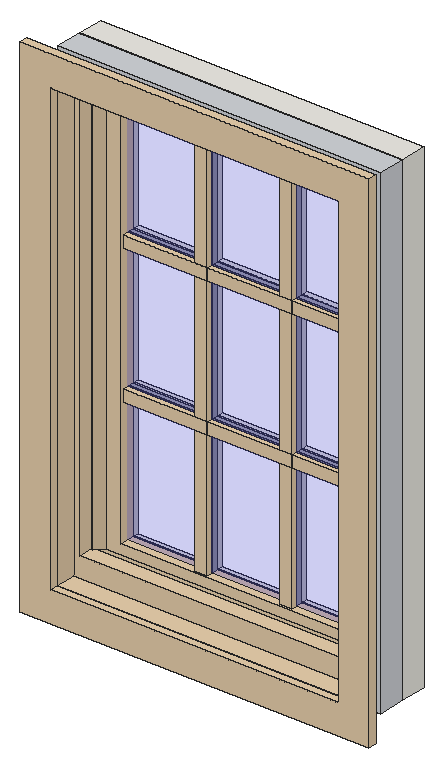
Revit family "Window-Awning-Andersen-E_Series 2", category Windows, host Wall, Revit 2013
Parameters
  Learn About These Parameters = "http://www.andersenwindows.com/for-professionals/cad-symbols-bim-support-window-doors/bim-support"
  LWide = if(Enter Pattern Number = 1, . . Lights Wide, if(Enter Pattern Number = 3, . . .Lights Wide, 3))  # 3
  Glazing Material = Glass ‐ Andersen - Low-E4 SmartSun
  Enter Jamb Condition = 1
  ..Jamb Condition Number 1 = "Extension Jamb Only"  # constant formula
  ..Jamb Condition Number 2 = "Step Jamb"  # constant formula
  ..Jamb Condition Number 3 = "1 Piece Step Jamb"  # constant formula
  ..Jamb Condition Number 4 = "7/16'' Drywall Return"  # constant formula
  ..Jamb Condition Number 5 = "9/16'' Drywall Return"  # constant formula
  ..Jamb Condition Number 6 = "11/16'' Drywall Return"  # constant formula
  Available Grille Bar Sizes = "5/8'', 7/8'', 1 1/8'', 1 1/2'', 2 1/4''"  # constant formula
  Between Glass Grille Bar Sizes = "5/8'', 1''"  # constant formula
  Interior Casing = yes
  Grille Bar Size = 0' - 0 7/8"
  Enter Pattern Number = 1
  ..Pattern Number 1 = "Traditional"  # constant formula
  . . Lights Wide = 3
  . . Lights High = 3
  ..Pattern Number 2 = "Praire"  # constant formula
  ..Pattern Number 3 = "Craftsman"  # constant formula
  . . .Lights Wide = 3
  Extension Jamb = yes
  . . .Lights High = 1
  . . .Bottom Bar Location = 1' - 6"
  . . .Bottom Bar Size = 0' - 0 7/8"
  Enter Exterior Trim Number = 0
  ..Exterior Trim Number 0 = "No Exterior Trim"  # constant formula
  ..Exterior Trim Number 1 = "2'' Brick Mould (A753)"  # constant formula
  ..Exterior Trim Number 2 = "2'' Ovolo Brick Mould (A754)"  # constant formula
  ..Exterior Trim Number 3 = "3 1/2'' Brick Mould (A755)"  # constant formula
  ..Exterior Trim Number 4 = "3 1/2'' Backband & Bead Casing (A756)"  # constant formula
  ..Exterior Trim Number 5 = "3 1/2'' Flat Casing (A75B)"  # constant formula
  ..Exterior Trim Number 6 = "5 1/2'' Flat Casing (A758)"  # constant formula
  Interior Grille Bar = yes
  Exterior Grille Bar = yes
  Between Glass Grille Bar = yes
  xjamb Visibility [instance] = and(or(and(or(Enter Jamb Condition = 1, Enter Jamb Condition = 2), Wall Depth > 0' 2 7/8"), and(Enter Jamb Condition = 3, Wall Depth > 0' 4 9/16")), Extension Jamb)  # yes
  xjamb S1 [instance] = if(and(Wall Depth > 0' 4 9/16", Enter Jamb Condition = 3), Wall Depth - 0' 4 9/16", if(Wall Depth > 0' 3", Wall Depth - 0' 2 7/8", 0' 3"))  # 0' - 1 11/16"
  sill nose1 = if(or(Enter Exterior Trim Number = 2, Enter Exterior Trim Number = 3), 0' 2 3/4", 0' 1 7/8")  # 0' - 1 7/8"
  sill nose 2 = 0' - 1 1/8"  # constant formula
  casingS2 = if(Enter Exterior Trim Number = 3, 0' 0 7/8", 0' 0 3/8")  # 0' - 0 3/8"
  casingS1 = if(Enter Exterior Trim Number = 1, 0' 0 5/8", if(or(Enter Exterior Trim Number = 2, Enter Exterior Trim Number = 3), 0' 1 1/2", 0' 0 3/8"))  # 0' - 0 3/8"
  casing4 = if(or(Enter Exterior Trim Number = 1, Enter Exterior Trim Number = 2), 0' 1 5/8", if(Enter Exterior Trim Number = 6, 0' 5 1/8", 0' 3 1/8"))  # 0' - 3 1/8"
  casing3 = if(Enter Exterior Trim Number = 1, 0' 0 3/8", if(Enter Exterior Trim Number = 2, 0' 0 5/16", 0' 0 9/16"))  # 0' - 0 9/16"
  casing2 = if(Enter Exterior Trim Number = 1, 0' 0 7/8", if(Enter Exterior Trim Number = 2, 0' 1 9/16", 0' 1 7/16"))  # 0' - 1 7/16"
  casing1 = 0' - 0 1/4"  # constant formula
  Xjamb 2 = if(or(Enter Jamb Condition = 2, Enter Jamb Condition = 3), 0' 0 1/32", 0' 0 11/16")  # 0' - 0 11/16"
  Xjamb 1 = if(or(Enter Jamb Condition = 2, Enter Jamb Condition = 3), 0' 0 5/8", 0' 1 9/32")  # 0' - 1 9/32"
  Wall Thickness [instance] = 0' - 6"
  Wall Depth [instance] = 0' - 4 9/16"
  Void Offset 2 = if(Enter Exterior Trim Number > 0, 0' 1 1/8", 0' 0")  # 0' - 0"
  Void Offset 1 = if(Enter Exterior Trim Number > 0, casing4, 0' 0")  # 0' - 0"
  Void Depth [instance] = if(Wall Thickness > Wall Depth, 0' 1" + Wall Thickness - Wall Depth, 0' 1")  # 0' - 2 7/16"
  VeriLock Sensor [instance] = no
  VGB DLO = if(Enter Pattern Number = 2, 0' 4", (H DLO - (Grille Bar Size * (V Bars))) / if(LWide > 2, LWide, 3))  # 0' - 5.39583"
  V Bars = if(LWide > 2, LWide - 1, 2)  # 2
  URL = "www.eaglewindow.com"
  Type Comments = "Aluminum-clad wood awning window"
  TS V DLO = Height - HGO - SGO  # 2' - 5 15/16"
  TS V Bar Length = if(Enter Pattern Number = 3, . . .Bottom Bar Location - HGO - (. . .Bottom Bar Size / 2), Height - HGO - SGO)  # 2' - 5 15/16"
  TS SH DLO = if(Enter Pattern Number = 3, . . .Bottom Bar Location, (TS V DLO / 2) + HGO)  # 1' - 6"
  TS S V = LWide = 2  # no
  TS S H Craftsman = and(Enter Pattern Number = 3, . . .Lights High = 2)  # no
  TS S H = or(and(. . Lights High = 2, or(or(Enter Pattern Number = 3), Enter Pattern Number = 1)), Enter Pattern Number = 3)  # no
  TS M V = or(or(and(LWide > 2, Enter Pattern Number = 1), Enter Pattern Number = 2), and(LWide > 2, Enter Pattern Number = 3))  # yes
  TS M H = or(or(and(. . Lights High > 2, Enter Pattern Number = 1), Enter Pattern Number = 2), and(. . .Lights High > 2, Enter Pattern Number = 3))  # yes
  TS HGB DLO = if(Enter Pattern Number = 2, 0' 4", if(and(Enter Pattern Number = 3, . . .Lights High > 2), (TS V Bar Length - (Grille Bar Size * (. . .Lights High - 1))) / . . .Lights High, if(. . Lights High > 2, (TS V Bar Length - (Grille Bar Size * (. . Lights High - 1))) / . . Lights High, 0' 4")))  # 0' - 9.39583"
  TS H Bars = if(Enter Pattern Number = 2, 2, if(and(Enter Pattern Number = 3, . . .Lights High > 2), . . .Lights High - 1, if(. . Lights High > 2, . . Lights High - 1, 2)))  # 2
  Step Visibility = or(or(or(or(Enter Jamb Condition = 2, Enter Jamb Condition = 3), Enter Jamb Condition = 4), Enter Jamb Condition = 5), Enter Jamb Condition = 6)  # no
  Step Jamb2 = if(Enter Jamb Condition = 2, 0' 0 21/32", if(Enter Jamb Condition = 3, 0' 1 11/16", if(Enter Jamb Condition = 4, 0' 0 7/16", if(Enter Jamb Condition = 5, 0' 0 9/16", 0' 0 11/16"))))  # 0' - 0 11/16"
  Step Jamb1 = if(Enter Jamb Condition = 2, 0' 0 21/32", 0' 1 9/32")  # 0' - 1 9/32"
  Sill Stop Dim [instance] = if(Push Out, 0' 2 7/16", 0' 2 25/32")  # 0' - 2 25/32"
  SGO = 0' - 3 1/32"  # constant formula
  Rough Width = Width + (Rough Opening Offset * 2)  # 2' - 0 1/2"
  Rough Opening Offset = 0' - 0 1/4"
  Rough Height = Height + (Rough Opening Offset * 2)  # 3' - 0 1/2"
  Push Out Stop Visibility [instance] = Push Out  # no
  Push Out [instance] = no
  Product Documentation Link = "http://www.eaglewindow.com/_Products/Eagle-Axiom-Awning-Windows.aspx"
  Plan Exterior Mask Visibility [instance] = Plan Exterior Mask 2 > 0' 0 1/32"  # yes
  Plan Exterior Mask 2 [instance] = if(Enter Exterior Trim Number > 0, if(Wall Depth + 0' 1 1/16" + casingS1 > Wall Thickness, 0' 0 1/32", Wall Thickness - Wall Depth - 0' 1 1/16" - casingS1), if(Wall Depth + 0' 1 1/16" > Wall Thickness, 0' 0 1/32", Wall Thickness - Wall Depth - 0' 0 1/16"))  # 0' - 1 3/8"
  Plan Exterior Mask [instance] = if(Enter Exterior Trim Number > 0, 0' 1 1/16" + casingS1, 0' 1 1/16")  # 0' - 1 1/16"
  Nail Fin Visibility = Enter Exterior Trim Number = 0  # yes
  Model = "E-Series Awning"  # constant formula
  Masonry Width = if(Enter Exterior Trim Number > 0, Width + ((casing4 + Masonry Opening Offset) * 2), Width + (Masonry Opening Offset * 2))  # 2' - 0 1/2"
  Masonry Opening Offset = 0' - 0 1/4"
  Masonry Height = if(Enter Exterior Trim Number > 0, Height + (casing4 + Masonry Opening Offset) + (sill nose 2 + Masonry Opening Offset), Height + (Masonry Opening Offset * 2))  # 3' - 0 1/2"
  Manufacturer = "Andersen Corporation"  # constant formula
  JGO = 0' - 3 1/32"  # constant formula
  Interior Trim Visibility = and(or(or(Enter Jamb Condition = 1, Enter Jamb Condition = 2), Enter Jamb Condition = 3), Interior Casing)  # yes
  Interior Material = Wood - Andersen - Pine
  Interior Casing Size = 0' - 2 1/4"
  Horizontal Craftsman Bar Size = if(Enter Pattern Number = 3, . . .Bottom Bar Size, Grille Bar Size)  # 0' - 0 7/8"
  Height = 3' - 0"
  Head Stop Dim [instance] = if(Push Out, 0' 2 7/16", 0' 1 7/8")  # 0' - 1 7/8"
  HGO = 0' - 3 1/32"  # constant formula
  H DLO = Width - (JGO * 2)  # 1' - 5 15/16"
  Family Version = "06.01.14"  # constant formula
  Exterior Trim Finish = Aluminum - Andersen - Painted - White
  Exterior Sash Finish = Aluminum - Andersen - Painted - White
  Exterior Grille Bar Finish = Aluminum - Andersen - Painted - White
  Exterior Frame Finish = Aluminum - Andersen - Painted - White
  Designation = "AWN2030"
  Description = "Aluminum-clad wood awning window"  # constant formula
  Default Sill Height = 6' 10 1/2" - Rough Height  # 3' - 10"
  Wall Closure = By host
  Width = 2' - 0"
  Crank Out Stop Visibility [instance] = Crank Out  # yes
  Crank Out [instance] = not(Push Out)  # yes
  Coarse Plan [instance] = if(Wall Depth < Wall Thickness, Wall Depth, Wall Thickness)  # 0' - 4 9/16"
  Casing Visibility = Enter Exterior Trim Number > 0  # no
  Between Glass Grille Bar Finish = Stainless Steel - Andersen - Standard
  Bar Center Line = if(Enter Pattern Number = 3, 1, 2)  # 2
  Assembly Code = "B2020100"
Reference planes (in)
  plane 1 "Center (Front/Back)": y = 0
  plane 2: z = 0
  plane 3 "Center (Left/Right)": x = 0
  plane 4 "R Frame": x = -12
  plane 5 "L Frame": x = 12
  plane 6 "B Frame": z = 46.25
  plane 7 "T Frame": z = 82.25
  plane 8 "L Glazing": x = 8.96875
  plane 9 "L Ext Frame": x = 11.43719
  plane 10 "L Stop": x = 10.0625
  plane 11 "L Xjamb 1": x = 10.71875
  plane 12 "L Casing 1": x = 11.75
  plane 13 "L Xjamb 2": x = 11.3125
  plane 14 "L Rough Opening": x = 12.25
  plane 15 "L Casing 2": x = 13.6875
  plane 16 "L Casing 3": x = 14.5625
  plane 17 "L Casing 4": x = 15.125
  plane 18 "R Glazing": x = -8.96875
  plane 19 "R Ext Frame": x = -11.43719
  plane 20 "R Stop": x = -10.0625
  plane 21 "R Xjamb 1": x = -10.71875
  plane 22 "R Casing 1": x = -11.75
  plane 23 "R Xjamb 2": x = -11.3125
  plane 24 "R Rough Opening": x = -12.25
  plane 25 "R Casing 2": x = -13.6875
  plane 26 "R Casing 3": x = -14.5625
  plane 27 "R Casing 4": x = -15.125
  plane 28 "R Int Casing": x = -12.96875
  plane 29 "T Glazing": z = 79.21875
  plane 30 "T Ext Frame": z = 81.68689
  plane 31 "T Xjamb 1": z = 80.96875
  plane 32 "T Casing 1": z = 82
  plane 33 "T Xjamb 2": z = 81.5625
  plane 34 "T Rough Opening": z = 82.5
  plane 35 "T Casing 2": z = 83.9375
  plane 36 "T Casing 3": z = 84.8125
  plane 37 "T Casing 4": z = 85.375
  plane 38 "T Int Casing": z = 83.21875
  plane 39 "B Glazing": z = 49.28125
  plane 40 "B Ext Frame": z = 46.81311
  plane 41 "B Xjamb 2": z = 46.9375
  plane 42 "B Casing 1": z = 46.5
  plane 43 "B Casing 2": z = 45.125
  plane 44 "B Int Casing": z = 45.28125
  plane 45 "L Int Casing": x = 12.96875
  plane 46 "Casing S1": y = 3
  plane 47 "Casing S2": y = 3
  plane 48 "Frame S1": y = 2.625
  plane 49 "Flange": y = 1.5625
  plane 50 "Glass1 S1": y = 1.89325
  plane 51 "Glass1 S2": y = 1.76825
  plane 52 "Glass1 S3": y = 1.39325
  plane 53 "Glass1 S4": y = 1.26825
  plane 54 "Sash1 S2": y = 0.68575
  plane 55 "Frame S2": y = -1.317
  plane 56 "B Xjamb 1": z = 47.53125
  plane 57 "Exterior Offset": y = 4
  plane 58 "Interior Casing": y = -3.625
  plane 59 "Vertical Bar Length": z = 49.28125
  plane 60 "B Rough Opening": z = 46
  plane 61 "R Masonry Opening": x = -15.375
  plane 62 "L Masonry Opening": x = 15.375
  plane 63 "T Masonry Opening": z = 85.625
  plane 64 "B Masonry Opening": z = 44.875
  plane 65 "Xjamb S1": y = -1.3125
  plane 66 "Sash1 S1": y = 2.26825
  plane 67 "R Sash": x = -11.24846
  plane 68 "L Sash": x = 11.24846
  plane 69 "Stop S1": y = -1.505
  plane 70 "B Sash": z = 46.99975
  plane 71 "T Sash": z = 81.5
  plane 72 "T Int Frame": z = 80.9375
  plane 73 "B Int Frame": z = 47.5625
  plane 74 "L Int Frame": x = 10.6875
  plane 75 "R Int Frame": x = -10.6875
  plane 76 "T Stop": z = 80.375
  plane 77 "B Stop": z = 49.03125
Forms (in)
  Extrusion 1, void
    sketch origin (0, 0, 0) x (1, 0, 0) y (0, 0, 1)
      loop
        line (12, 82.25) -> (-12, 82.25) -> (-12, 46.25) -> (12, 46.25) -> (12, 82.25)
    from -1.5625 to 3
  Extrusion 2, void
    sketch origin (0, 0, 0) x (1, 0, 0) y (0, 0, 1)
      loop
        line (12, 82.25) -> (-12, 82.25) -> (-12, 46.25) -> (12, 46.25) -> (12, 82.25)
    from -15 to -1.5625
  Extrusion 3, solid, material "Wood - Andersen - Pine" <- "Interior Material", visible <- "xjamb Visibility", detail levels medium+fine
    sketch origin (0, -2.5625, 0) x (-1, 0, 0) y (0, 0, 1)
      loop
        line (11.3125, 81.5625) -> (-11.3125, 81.5625) -> (-11.3125, 46.9375) -> (11.3125, 46.9375) -> (11.3125, 81.5625)
      loop
        line (10.71875, 80.96875) -> (-10.71875, 80.96875) -> (-10.71875, 47.53125) -> (10.71875, 47.53125) -> (10.71875, 80.96875)
    from 1.25 to -0.4375
  Extrusion 4, solid, material "Wood - Andersen - Pine" <- "Interior Material", visible <- "Interior Trim Visibility", detail levels fine
    sketch origin (0, -3.625, 0) x (-1, 0, 0) y (0, 0, 1)
      loop
        line (12.96875, 83.21875) -> (-12.96875, 83.21875) -> (-12.96875, 45.28125) -> (12.96875, 45.28125) -> (12.96875, 83.21875)
      loop
        line (10.71875, 80.96875) -> (-10.71875, 80.96875) -> (-10.71875, 47.53125) -> (10.71875, 47.53125) -> (10.71875, 80.96875)
    from 0 to 0.625
  Extrusion 5, solid, material "Aluminum - Andersen - Painted - White" <- "Exterior Trim Finish", visible <- "Casing Visibility", detail levels medium+fine
    sketch origin (0, 0, 0) x (0, 1, 0) y (0, 0, 1)
      loop
        line (2.625, 46.5) -> (1.5625, 46.5) -> (1.5625, 45.125) -> (3.4375, 45.125) -> (3.4375, 46.38581) -> (2.625, 46.5)
    from -15.125 to 15.125
  Sweep 6, solid, material "Aluminum - Andersen - Painted - White" <- "Exterior Trim Finish", visible <- "Casing Visibility", detail levels medium+fine
    path origin (0, 1.5625, 0) x (-1, 0, 0) y (0, 0, 1)
      loop
        line (-15.125, 45.125) -> (-15.125, 85.375) -> (15.125, 85.375) -> (15.125, 45.125)
    profile origin (15.125, 1.5625, 65.25) x (1, 0, 0) y (0, 1, 0)
      loop
        line (-1.4375, 1.4375) -> (-3.375, 1.4375) -> (-3.375, 0) -> (0, 0) -> (0, 1.4375) -> (-0.5625, 1.4375) -> (-1.4375, 1.4375)
  Extrusion 7, solid, material "Aluminum - Andersen - Painted - White" <- "Exterior Trim Finish", visible <- "Casing Visibility", detail levels coarse
    sketch origin (0, 1.5625, 0) x (-1, 0, 0) y (0, 0, 1)
      loop
        line (-15.125, 85.375) -> (-15.125, 45.125) -> (15.125, 45.125) -> (15.125, 85.375) -> (-15.125, 85.375)
      loop
        line (-11.75, 82) -> (-11.75, 46.5) -> (11.75, 46.5) -> (11.75, 82) -> (-11.75, 82)
    from 0 to 1.4375
  Extrusion 8, solid, material "Wood - Andersen - Pine" <- "Interior Material"
    sketch origin (0, 0.68575, 0) x (-1, 0, 0) y (0, 0, 1)
      loop
        line (11.24846, 81.5) -> (-11.24846, 81.5) -> (-11.24846, 46.99975) -> (11.24846, 46.99975) -> (11.24846, 81.5)
      loop
        line (8.96875, 79.21875) -> (-8.96875, 79.21875) -> (-8.96875, 49.28125) -> (8.96875, 49.28125) -> (8.96875, 79.21875)
    from 0 to 1.2075
  Extrusion 9, solid, material "Aluminum - Andersen - Painted - White" <- "Exterior Sash Finish"
    sketch origin (0, 80.71747, 0) x (-1, 0, 0) y (0, 0, 1)
      loop
        line (-8.96875, 79.21875) -> (-8.96875, 49.28125) -> (8.96875, 49.28125) -> (8.96875, 79.21875) -> (-8.96875, 79.21875)
      loop
        line (-11.24846, 46.99975) -> (11.24846, 46.99975) -> (11.24846, 81.5) -> (-11.24846, 81.5) -> (-11.24846, 46.99975)
    from -78.44922 to -78.82422
  Extrusion 10, solid, material "Glass ‐ Andersen - Low-E4 SmartSun" <- "Glazing Material"
    sketch origin (0, 1.26825, 0) x (-1, 0, 0) y (0, 0, 1)
      loop
        line (-8.96875, 79.21875) -> (-8.96875, 49.28125) -> (8.96875, 49.28125) -> (8.96875, 79.21875) -> (-8.96875, 79.21875)
    from 0 to 0.625
  Extrusion 11, solid, material "Aluminum - Andersen - Painted - White" <- "Exterior Frame Finish"
    sketch origin (0, 0, 0) x (1, 0, 0) y (0, 0, 1)
      loop
        line (12, 82.25) -> (-12, 82.25) -> (-12, 46.25) -> (12, 46.25) -> (12, 82.25)
      loop
        line (11.43719, 81.68689) -> (-11.43719, 81.68689) -> (-11.43719, 46.81311) -> (11.43719, 46.81311) -> (11.43719, 81.68689)
    from -2.625 to -0.68575
  Extrusion 12, solid
    sketch origin (0, 0, 0) x (1, 0, 0) y (0, 0, 1)
      loop
        line (12, 82.25) -> (-12, 82.25) -> (-12, 46.25) -> (12, 46.25) -> (12, 82.25)
      loop
        line (10.6875, 80.9375) -> (-10.6875, 80.9375) -> (-10.6875, 47.5625) -> (10.6875, 47.5625) -> (10.6875, 80.9375)
    from -0.68575 to 1.317
  Extrusion 13, solid, material "Wood - Andersen - Pine" <- "Interior Material", visible <- "Crank Out", detail levels medium+fine
    sketch origin (0, 0, 0) x (0, 1, 0) y (0, 0, 1)
      loop
        line (-1.505, 49.0325) -> (-1.505, 47.5625) -> (0.68575, 47.5625) -> (0.68575, 48.60191) -> (-0.32931, 49.0325) -> (-1.505, 49.0325)
    from -10.6875 to 10.6875
  Extrusion 14, solid, material "Wood - Andersen - Pine" <- "Interior Material", visible <- "Crank Out", detail levels medium+fine
    sketch origin (0, 0, 0) x (1, 0, 0) y (0, 1, 0)
      loop
        line (-10.6875, -1.505) -> (-10.2505, -1.505) -> (-10.2505, -0.505) -> (-10.0625, -0.505) -> (-10.0625, 0.68575) -> (-10.6875, 0.68575) -> (-10.6875, -1.505)
      loop
        line (10.6875, -1.505) -> (10.6875, 0.68575) -> (10.0625, 0.68575) -> (10.0625, -0.505) -> (10.2505, -0.505) -> (10.2505, -1.505) -> (10.6875, -1.505)
    from 47.5625 to 80.9375
  Extrusion 15, solid, material "Wood - Andersen - Pine" <- "Interior Material", visible <- "Crank Out", detail levels medium+fine
    sketch origin (0, 0, 0) x (0, 1, 0) y (0, 0, 1)
      loop
        line (0.68575, 80.9375) -> (-1.505, 80.9375) -> (-1.505, 80.3755) -> (0.68575, 80.3755) -> (0.68575, 80.9375)
    from -10.6875 to 10.6875
  Sweep 16, solid, material "Wood - Andersen - Pine" <- "Interior Material", visible <- "Step Visibility", detail levels medium+fine
    path origin (0, 1.5625, 0) x (-1, 0, 0) y (0, 0, 1)
      loop
        line (12, 46.25) -> (12, 82.25) -> (-12, 82.25) -> (-12, 46.25) -> (12, 46.25)
    profile origin (-12, 1.5625, 64.25) x (1, 0, 0) y (0, 1, 0)
      loop
        line (0, -2.8795) -> (0, -3.567) -> (1.28125, -3.567) -> (1.28125, -2.8795) -> (0, -2.8795)
  Extrusion 17, solid, material "Wood - Andersen - Pine" <- "Interior Material", visible <- "Push Out", detail levels medium+fine
    sketch origin (0, 0, 47.5625) x (0, -1, 0) y (1, 0, 0)
      loop
        line (-0.68575, 9.5625) -> (0.505, 9.5625) -> (0.505, 10.3125) -> (1.505, 10.3125) -> (1.505, 10.6875) -> (-0.68575, 10.6875) -> (-0.68575, 9.5625)
      loop
        line (-0.68575, -10.6875) -> (1.505, -10.6875) -> (1.505, -10.3125) -> (0.505, -10.3125) -> (0.505, -9.5625) -> (-0.68575, -9.5625) -> (-0.68575, -10.6875)
    from 0 to 33.375
  Extrusion 18, solid, material "Wood - Andersen - Pine" <- "Interior Material", visible <- "Push Out", detail levels medium+fine
    sketch origin (0, 0, 0) x (0, 1, 0) y (0, 0, 1)
      loop
        line (0.68575, 80.9375) -> (-1.505, 80.9375) -> (-1.505, 80.5625) -> (-0.505, 80.5625) -> (-0.505, 80.3125) -> (0.68575, 80.3125) -> (0.68575, 80.9375)
      loop
        line (0.68575, 48.1875) -> (-0.505, 48.1875) -> (-0.505, 47.9375) -> (-1.505, 47.9375) -> (-1.505, 47.5625) -> (0.68575, 47.5625) -> (0.68575, 48.1875)
    from -10.6875 to 10.6875
Cuts and joins
  joined: Extrusion 5, Sweep 6
  joined: Extrusion 13, Extrusion 14, Extrusion 15
  joined: Extrusion 17, Extrusion 18
Lines and regions (in)
  Masking region 1, detail levels medium+fine
    outline origin (0, 0, 46.25) x (0, -1, 0) y (1, 0, 0)
      loop
        line (-2.625, -12) -> (1.317, -12) -> (1.317, -10.6875) -> (1.505, -10.6875) -> (1.505, 10.6875) -> (1.317, 10.6875) -> (1.317, 12) -> (-2.625, 12) -> (-2.625, -12)
  Masking region 2, visible <- "Casing Visibility", detail levels medium+fine
    outline origin (0, 0, 46.25) x (0, -1, 0) y (1, 0, 0)
      loop
        line (-2.625, -12) -> (-2.625, 12) -> (-1.5625, 12) -> (-1.5625, 15.125) -> (-3, 15.125) -> (-3, -15.125) -> (-1.5625, -15.125) -> (-1.5625, -12) -> (-2.625, -12)
  Masking region 3, visible <- "Nail Fin Visibility", detail levels coarse
    outline origin (0, 0, 46.25) x (0, -1, 0) y (1, 0, 0)
      loop
        line (-4, -12) -> (3, -12) -> (3, 12) -> (-4, 12) -> (-4, -12)
  Masking region 4
    outline origin (0, 0, 0) x (0, 1, 0) y (0, 0, 1)
      loop
        line (2.625, 82.25) -> (-1.317, 82.25) -> (-1.317, 80.9375) -> (-1.505, 80.9375) -> (-1.505, 47.5625) -> (-1.317, 47.5625) -> (-1.317, 46.25) -> (2.625, 46.25) -> (2.625, 82.25)
  Masking region 5, visible <- "Casing Visibility"
    outline origin (0, 0, 0) x (0, 1, 0) y (0, 0, 1)
      loop
        line (2.625, 46.5) -> (2.625, 46.25) -> (1.5625, 46.25) -> (1.5625, 45.125) -> (3.4375, 45.125) -> (3.4375, 46.38581) -> (2.625, 46.5)
  Masking region 6, visible <- "Casing Visibility"
    outline origin (0, 0, 0) x (0, 1, 0) y (0, 0, 1)
      loop
        line (2.625, 82.25) -> (2.625, 46.5) -> (3, 46.4473) -> (3, 85.375) -> (1.5625, 85.375) -> (1.5625, 82.25) -> (2.625, 82.25)
  Masking region 7, visible <- "Casing Visibility"
    outline origin (0, 2.625, 0) x (-1, 0, 0) y (0, 0, 1)
      loop
        line (-15.125, 85.375) -> (-15.125, 45.125) -> (15.125, 45.125) -> (15.125, 85.375) -> (-15.125, 85.375)
  Masking region 8
    outline origin (0, 2.625, 0) x (-1, 0, 0) y (0, 0, 1)
      loop
        line (-12, 82.25) -> (-12, 46.25) -> (12, 46.25) -> (12, 82.25) -> (-12, 82.25)
  Masking region 9
    outline origin (0, -1.317, 0) x (-1, 0, 0) y (0, 0, 1)
      loop
        line (12, 82.25) -> (-12, 82.25) -> (-12, 46.25) -> (12, 46.25) -> (12, 82.25)
  Masking region 10, visible <- "Interior Trim Visibility", detail levels fine
    outline origin (0, -3.625, 0) x (-1, 0, 0) y (0, 0, 1)
      loop
        line (12.96875, 83.21875) -> (-12.96875, 83.21875) -> (-12.96875, 45.28125) -> (12.96875, 45.28125) -> (12.96875, 83.21875)
      loop
        line (10.71875, 80.96875) -> (-10.71875, 80.96875) -> (-10.71875, 47.53125) -> (10.71875, 47.53125) -> (10.71875, 80.96875)
  Masking region 11, visible <- "Casing Visibility", detail levels coarse
    outline origin (0, 0, 46.25) x (0, -1, 0) y (1, 0, 0)
      loop
        line (-4, -15.125) -> (-1.5625, -15.125) -> (-1.5625, -12) -> (3, -12) -> (3, 12) -> (-1.5625, 12) -> (-1.5625, 15.125) -> (-4, 15.125) -> (-4, -15.125)
  Masking region 12, visible <- "Step Visibility", detail levels medium+fine
    outline origin (0, 0, 46.25) x (0, -1, 0) y (1, 0, 0)
      loop
        line (2.0045, -12) -> (2.0045, 12) -> (1.317, 12) -> (1.317, 10.6875) -> (1.505, 10.6875) -> (1.505, -10.6875) -> (1.317, -10.6875) -> (1.317, -12) -> (2.0045, -12)
  Masking region 13, visible <- "xjamb Visibility", detail levels medium+fine
    outline origin (0, 0, 46.25) x (0, -1, 0) y (1, 0, 0)
      loop
        line (3, -11.3125) -> (3, 11.3125) -> (1.317, 11.3125) -> (1.317, 10.6875) -> (1.505, 10.6875) -> (1.505, -10.6875) -> (1.317, -10.6875) -> (1.317, -11.3125) -> (3, -11.3125)
  Masking region 14, visible <- "Step Visibility", detail levels medium+fine
    outline origin (0, 0, 0) x (0, 1, 0) y (0, 0, 1)
      loop
        line (-1.505, 80.9375) -> (-1.317, 80.9375) -> (-1.317, 82.25) -> (-2.0045, 82.25) -> (-2.0045, 46.25) -> (-1.317, 46.25) -> (-1.317, 47.5625) -> (-1.505, 47.5625) -> (-1.505, 80.9375)
  Masking region 15, visible <- "xjamb Visibility", detail levels medium+fine
    outline origin (0, 0, 0) x (0, 1, 0) y (0, 0, 1)
      loop
        line (-3, 46.9375) -> (-1.317, 46.9375) -> (-1.317, 47.5625) -> (-1.505, 47.5625) -> (-1.505, 80.9375) -> (-1.317, 80.9375) -> (-1.317, 81.5625) -> (-3, 81.5625) -> (-3, 46.9375)
  Masking region 16, visible <- "Interior Trim Visibility", detail levels fine
    outline origin (0, 0, 0) x (0, 1, 0) y (0, 0, 1)
      loop
        line (-3, 83.21875) -> (-3.625, 83.21875) -> (-3.625, 45.28125) -> (-3, 45.28125) -> (-3, 83.21875)
  Masking region 17, visible <- "Interior Trim Visibility", detail levels fine
    outline origin (0, 0, 46.25) x (0, -1, 0) y (1, 0, 0)
      loop
        line (3, -12.96875) -> (3.625, -12.96875) -> (3.625, 12.96875) -> (3, 12.96875) -> (3, -12.96875)
  symbolic lines, style "WindowsFrameMullionProjection", visible <- "Casing Visibility", detail levels fine
    curve 1: line (14.5625, 3, 46.25) -> (13.6875, 3, 46.25)
    curve 2: line (13.6875, 3, 46.25) -> (11.75, 3, 46.25)
    curve 3: line (11.75, 3, 46.25) -> (11.75, 2.625, 46.25)
    curve 4: line (-14.5625, 3, 46.25) -> (-13.6875, 3, 46.25)
    curve 5: line (-13.6875, 3, 46.25) -> (-11.75, 3, 46.25)
    curve 6: line (-11.75, 3, 46.25) -> (-11.75, 2.625, 46.25)
  symbolic lines, style "WindowsGlassProjection", detail levels medium+fine
    curve 7: line (-8.96875, 1.89325, 46.25) -> (8.96875, 1.89325, 46.25)
    curve 10: line (-8.96875, 1.26825, 46.25) -> (8.96875, 1.26825, 46.25)
  symbolic lines, style "WindowsGlassProjection", detail levels fine
    curve 8: line (-8.96875, 1.76825, 46.25) -> (8.96875, 1.76825, 46.25)
    curve 9: line (-8.96875, 1.39325, 46.25) -> (8.96875, 1.39325, 46.25)
    curve 27: line (0, 1.76825, 79.21875) -> (0, 1.76825, 49.28125)
    curve 28: line (0, 1.39325, 79.21875) -> (0, 1.39325, 49.28125)
    curve 86: line (-8.96875, 1.76875, 0) -> (-9.59375, 1.76875, 0)
    curve 87: line (-8.96875, 1.39375, 0) -> (-9.59375, 1.39375, 0)
    curve 88: line (-9.0935, 1.39375, 0) -> (-9.0935, 1.76875, 0)
    curve 111: line (8.96875, 1.76875, 0) -> (9.59375, 1.76875, 0)
    curve 112: line (8.96875, 1.39375, 0) -> (9.59375, 1.39375, 0)
    curve 113: line (9.0935, 1.39375, 0) -> (9.0935, 1.76875, 0)
    curve 146: line (0, 1.76825, 49.28125) -> (0, 1.76825, 48.65625)
    curve 147: line (0, 1.39325, 49.28125) -> (0, 1.39325, 48.65625)
    curve 148: line (0, 1.76825, 49.15625) -> (0, 1.39325, 49.15625)
    curve 155: line (0, 1.76825, 79.85419) -> (0, 1.76825, 79.21875)
    curve 156: line (0, 1.39325, 79.85419) -> (0, 1.39325, 79.21875)
    curve 157: line (0, 1.76825, 79.35419) -> (0, 1.39325, 79.35419)
  symbolic lines, style "WindowsFrameMullionProjection", detail levels medium
    curve 11: line (-11.24846, 2.26825, 46.25) -> (-8.96875, 2.26825, 46.25)
    curve 12: line (-8.96875, 2.26825, 46.25) -> (-8.96875, 0.68575, 46.25)
    curve 13: line (-8.96875, 0.68575, 46.25) -> (-11.24846, 0.68575, 46.25)
    curve 14: line (-11.24846, 2.625, 46.25) -> (-11.24846, 0.68575, 46.25)
    curve 15: line (11.24846, 2.26825, 46.25) -> (8.96875, 2.26825, 46.25)
    curve 16: line (8.96875, 2.26825, 46.25) -> (8.96875, 0.68575, 46.25)
    curve 17: line (8.96875, 0.68575, 46.25) -> (11.24846, 0.68575, 46.25)
    curve 18: line (11.24846, 2.625, 46.25) -> (11.24846, 0.68575, 46.25)
    curve 114: line (11.24846, 0.68575, 0) -> (10.0625, 0.68575, 0)
    curve 115: line (10.0625, 0.68575, 0) -> (10.0625, -1.505, 0)
    curve 116: line (-11.24846, 0.68575, 0) -> (-10.0625, 0.68575, 0)
    curve 117: line (-10.0625, 0.68575, 0) -> (-10.0625, -1.505, 0)
  symbolic lines, style "WindowsFrameMullionProjection", detail levels coarse
    curve 19: line (-10.0625, -3, 46.25) -> (-10.0625, 4, 46.25)
    curve 20: line (10.0625, -3, 46.25) -> (10.0625, 4, 46.25)
  symbolic lines, style "WindowsGlassProjection", detail levels coarse
    curve 21: line (-10.0625, 0, 46.25) -> (10.0625, 0, 46.25)
    curve 22: line (-10.0625, 1, 46.25) -> (10.0625, 1, 46.25)
  symbolic lines, style "WindowsFrameMullionProjection", visible <- "Casing Visibility"
    curve 23: line (0, 3, 84.8125) -> (0, 3, 83.9375)
    curve 24: line (0, 3, 83.9375) -> (0, 3, 82)
    curve 25: line (0, 3, 82) -> (0, 2.625, 82)
    curve 46: line (0, 1.5625, 87) -> (0, 1.5625, 85.375)
    curve 47: line (0, 1.5625, 43.5) -> (0, 1.5625, 45.125)
  symbolic lines, style "WindowsGlassProjection"
    curve 26: line (0, 1.89325, 79.21875) -> (0, 1.89325, 49.28125)
    curve 29: line (0, 1.26825, 79.21875) -> (0, 1.26825, 49.28125)
  symbolic lines, style "WindowsFrameMullionProjection", detail levels medium+fine
    curve 30: line (11.24846, 2.625, 81.5) -> (-11.24846, 2.625, 81.5)
    curve 31: line (11.24846, 2.625, 46.99975) -> (11.24846, 2.625, 81.5)
    curve 32: line (-11.24846, 2.625, 46.99975) -> (11.24846, 2.625, 46.99975)
    curve 33: line (-11.24846, 2.625, 81.5) -> (-11.24846, 2.625, 46.99975)
    curve 38: line (-10.0625, -1.317, 80.375) -> (10.0625, -1.317, 80.375)
    curve 39: line (-10.0625, -1.317, 49.03125) -> (-10.0625, -1.317, 80.375)
    curve 40: line (10.0625, -1.317, 49.03125) -> (-10.0625, -1.317, 49.03125)
    curve 41: line (10.0625, -1.317, 80.375) -> (10.0625, -1.317, 49.03125)
    curve 210: line (-10.6875, -1.317, 80.9375) -> (10.6875, -1.317, 80.9375)
    curve 211: line (-10.6875, -1.317, 47.5625) -> (-10.6875, -1.317, 80.9375)
    curve 212: line (10.6875, -1.317, 47.5625) -> (-10.6875, -1.317, 47.5625)
    curve 213: line (10.6875, -1.317, 80.9375) -> (10.6875, -1.317, 47.5625)
  symbolic lines, style "WindowsFrameMullionProjection"
    curve 34: line (8.96875, 0, 79.21875) -> (-8.96875, 0, 79.21875)
    curve 35: line (8.96875, 0, 49.28125) -> (8.96875, 0, 79.21875)
    curve 36: line (-8.96875, 0, 79.21875) -> (-8.96875, 0, 49.28125)
    curve 37: line (-8.96875, 0, 49.28125) -> (8.96875, 0, 49.28125)
    curve 118: line (0, 1.23295, 81.59341) -> (0, 2.625, 81.68689)
    curve 119: line (0, 0.54925, 81.59341) -> (0, 1.23295, 81.59341)
    curve 120: line (0, 0.54925, 80.9375) -> (0, 0.54925, 81.59341)
    curve 121: line (0, -1.505, 80.9375) -> (0, 0.68525, 80.9375)
    curve 123: line (0, 0.68525, 81.5) -> (0, 0.68525, 79.85419)
    curve 124: line (0, 0.68525, 79.85419) -> (0, 1.89325, 79.85419)
    curve 125: line (0, 1.26825, 79.21875) -> (0, 1.26825, 79.85419)
    curve 126: line (0, 2.26775, 79.49519) -> (0, 2.26775, 81.5)
    curve 127: line (0, 2.26775, 81.5) -> (0, 0.68525, 81.5)
    curve 133: line (0, -1.505, 47.5625) -> (0, 0.54925, 47.5625)
    curve 134: line (0, 1.23295, 46.90659) -> (0, 2.625, 46.81311)
    curve 135: line (0, 0.54925, 46.90659) -> (0, 1.23295, 46.90659)
    curve 136: line (0, 0.54925, 47.5625) -> (0, 0.54925, 46.90659)
    curve 137: line (0, 1.71775, 47.3445) -> (0, 0.68525, 47.3445)
    curve 138: line (0, 0.68525, 47.3445) -> (0, 0.68525, 48.65625)
    curve 139: line (0, 0.68525, 48.65625) -> (0, 1.89325, 48.65625)
    curve 140: line (0, 2.26775, 49.01525) -> (0, 2.26775, 46.99975)
    curve 141: line (0, 2.26775, 46.99975) -> (0, 1.71775, 46.99975)
    curve 142: line (0, 1.71775, 46.99975) -> (0, 1.71775, 47.3445)
    curve 143: line (0, 1.26825, 49.28125) -> (0, 1.26825, 48.65625)
    curve 144: line (0, 0.76524, 48.65625) -> (0, 0.76524, 49.19256)
    curve 145: line (0, 0.76524, 49.19256) -> (0, 1.26825, 49.28125)
    curve 149: line (0, 1.89325, 48.65625) -> (0, 1.89325, 49.28125)
    curve 150: line (0, 1.89325, 49.28125) -> (0, 2.02974, 49.28125)
    curve 151: line (0, 2.02974, 49.28125) -> (0, 2.16974, 49.01525)
    curve 152: line (0, 2.16974, 49.01525) -> (0, 2.26775, 49.01525)
    curve 153: line (0, 1.26825, 79.21875) -> (0, 0.77624, 79.3055)
    curve 154: line (0, 0.77624, 79.3055) -> (0, 0.77624, 79.85419)
    curve 158: line (0, 2.26775, 79.49519) -> (0, 2.18074, 79.49519)
    curve 159: line (0, 2.18074, 79.49519) -> (0, 2.03524, 79.21875)
    curve 160: line (0, 2.03524, 79.21875) -> (0, 1.89325, 79.21875)
    curve 161: line (0, 1.89325, 79.21875) -> (0, 1.89325, 79.85419)
  symbolic lines, style "WindowsFrameMullionProjection", visible <- "Casing Visibility", detail levels medium
    curve 42: line (-12, 2.625, 46.25) -> (-12, 3, 46.25)
    curve 43: line (12, 3, 46.25) -> (12, 2.625, 46.25)
  symbolic lines, style "WindowsFrameMullionProjection", visible <- "Casing Visibility", detail levels medium+fine
    curve 44: line (15.125, 1.5625, 46.25) -> (16.75, 1.5625, 46.25)
    curve 45: line (-16.75, 1.5625, 46.25) -> (-15.125, 1.5625, 46.25)
  symbolic lines, style "WindowsFrameMullionProjection", visible <- "Nail Fin Visibility", detail levels medium+fine
    curve 48: line (-12.00179, 1.5625, 0) -> (-13.50179, 1.5625, 0)
    curve 92: line (12.00179, 1.5625, 0) -> (13.50179, 1.5625, 0)
  symbolic lines, style "WindowsFrameMullionProjection", detail levels fine
    curve 49: line (-10.68929, -1.505, 0) -> (-10.68929, 0.68575, 0)
    curve 51: line (-11.34521, 1.22845, 0) -> (-11.43899, 2.625, 0)
    curve 52: line (-11.34521, 0.54475, 0) -> (-11.34521, 1.22845, 0)
    curve 53: line (-10.68929, 0.54475, 0) -> (-11.34521, 0.54475, 0)
    curve 54: line (-9.59375, 0.68575, 0) -> (-10.90471, 0.68575, 0)
    curve 55: line (-10.90471, 0.68575, 0) -> (-10.90471, 1.71825, 0)
    curve 56: line (-10.90471, 1.71825, 0) -> (-11.25025, 1.71825, 0)
    curve 57: line (-11.25025, 1.71825, 0) -> (-11.25025, 2.26825, 0)
    curve 58: line (-11.25025, 2.26825, 0) -> (-9.2345, 2.26825, 0)
    curve 59: line (-8.96875, 2.03037, 0) -> (-8.96875, 1.89375, 0)
    curve 60: line (-8.96875, 1.89375, 0) -> (-9.59375, 1.89375, 0)
    curve 61: line (-9.59375, 1.89375, 0) -> (-9.59375, 0.68575, 0)
    curve 62: line (-8.96875, 1.26875, 0) -> (-9.59375, 1.26875, 0)
    curve 63: line (-9.05744, 0.76574, 0) -> (-8.96875, 1.26875, 0)
    curve 64: line (-9.59375, 0.76574, 0) -> (-9.05744, 0.76574, 0)
    curve 82: line (-9.2345, 2.26825, 0) -> (-9.2345, 2.17024, 0)
    curve 83: line (-9.2345, 2.17024, 0) -> (-8.96875, 2.03037, 0)
    curve 93: line (10.68929, -1.505, 0) -> (10.68929, 0.68575, 0)
    curve 95: line (11.34521, 1.22845, 0) -> (11.43899, 2.625, 0)
    curve 96: line (11.34521, 0.54475, 0) -> (11.34521, 1.22845, 0)
    curve 97: line (10.68929, 0.54475, 0) -> (11.34521, 0.54475, 0)
    curve 98: line (9.59375, 0.68575, 0) -> (10.90471, 0.68575, 0)
    curve 99: line (10.90471, 0.68575, 0) -> (10.90471, 1.71825, 0)
    curve 100: line (10.90471, 1.71825, 0) -> (11.25025, 1.71825, 0)
    curve 101: line (11.25025, 1.71825, 0) -> (11.25025, 2.26825, 0)
    curve 102: line (11.25025, 2.26825, 0) -> (9.2345, 2.26825, 0)
    curve 103: line (8.96875, 2.03037, 0) -> (8.96875, 1.89375, 0)
    curve 104: line (8.96875, 1.89375, 0) -> (9.59375, 1.89375, 0)
    curve 105: line (9.59375, 1.89375, 0) -> (9.59375, 0.68575, 0)
    curve 106: line (8.96875, 1.26875, 0) -> (9.59375, 1.26875, 0)
    curve 107: line (9.05744, 0.76574, 0) -> (8.96875, 1.26875, 0)
    curve 108: line (9.59375, 0.76574, 0) -> (9.05744, 0.76574, 0)
    curve 109: line (9.2345, 2.26825, 0) -> (9.2345, 2.17024, 0)
    curve 110: line (9.2345, 2.17024, 0) -> (8.96875, 2.03037, 0)
    curve 216: line (-10.06429, -0.505, 0) -> (-10.2505, -0.505, 0)
    curve 217: line (-10.2505, -0.505, 0) -> (-10.2505, -1.505, 0)
    curve 220: line (10.06429, -0.505, 0) -> (10.2505, -0.505, 0)
    curve 221: line (10.2505, -0.505, 0) -> (10.2505, -1.505, 0)
  symbolic lines, style "WindowsFrameMullionProjection", visible <- "Crank Out", detail levels fine
    curve 50: line (-10.06429, 0.68575, 0) -> (-10.06429, -0.505, 0)
    curve 94: line (10.06429, 0.68575, 0) -> (10.06429, -0.505, 0)
  symbolic lines, style "WindowsFrameMullionProjection", visible <- "Nail Fin Visibility", not visible, detail levels medium+fine
    curve 65: line (-35.97166, 120.69666, 0) -> (-37.47166, 120.69666, 0)
  symbolic lines, style "WindowsFrameMullionProjection", not visible, detail levels fine
    curve 66: line (-34.65916, 117.62916, 0) -> (-34.65916, 119.81991, 0)
    curve 68: line (-35.31507, 120.36262, 0) -> (-35.40885, 121.75916, 0)
    curve 69: line (-35.31507, 119.67891, 0) -> (-35.31507, 120.36262, 0)
    curve 70: line (-34.65916, 119.67891, 0) -> (-35.31507, 119.67891, 0)
    curve 71: line (-33.56362, 119.81991, 0) -> (-34.87457, 119.81991, 0)
    curve 72: line (-34.87457, 119.81991, 0) -> (-34.87457, 120.85241, 0)
    curve 73: line (-34.87457, 120.85241, 0) -> (-35.22012, 120.85241, 0)
    curve 74: line (-35.22012, 120.85241, 0) -> (-35.22012, 121.40241, 0)
    curve 75: line (-35.22012, 121.40241, 0) -> (-33.20437, 121.40241, 0)
    curve 76: line (-32.93862, 121.16454, 0) -> (-32.93862, 121.02791, 0)
    curve 77: line (-32.93862, 121.02791, 0) -> (-33.56362, 121.02791, 0)
    curve 78: line (-33.56362, 121.02791, 0) -> (-33.56362, 119.81991, 0)
    curve 79: line (-32.93862, 120.40291, 0) -> (-33.56362, 120.40291, 0)
    curve 80: line (-33.02731, 119.8999, 0) -> (-32.93862, 120.40291, 0)
    curve 81: line (-33.56362, 119.8999, 0) -> (-33.02731, 119.8999, 0)
    curve 84: line (-33.20437, 121.40241, 0) -> (-33.20437, 121.3044, 0)
    curve 85: line (-33.20437, 121.3044, 0) -> (-32.93862, 121.16454, 0)
    curve 218: line (-34.03416, 118.62916, 0) -> (-34.22037, 118.62916, 0)
    curve 219: line (-34.22037, 118.62916, 0) -> (-34.22037, 117.62916, 0)
  symbolic lines, style "WindowsFrameMullionProjection", visible <- "Crank Out", not visible, detail levels fine
    curve 67: line (-34.03416, 119.81991, 0) -> (-34.03416, 118.62916, 0)
  symbolic lines, style "WindowsGlassProjection", not visible, detail levels fine
    curve 89: line (-32.93862, 120.90291, 0) -> (-33.56362, 120.90291, 0)
    curve 90: line (-32.93862, 120.52791, 0) -> (-33.56362, 120.52791, 0)
    curve 91: line (-33.06337, 120.52791, 0) -> (-33.06337, 120.90291, 0)
    curve 176: line (0, 53.78669, 80.65786) -> (0, 53.78669, 80.02241)
    curve 177: line (0, 53.41169, 80.65786) -> (0, 53.41169, 80.02241)
    curve 178: line (0, 53.78669, 80.15786) -> (0, 53.41169, 80.15786)
    curve 202: line (0, 33.04084, 82.71061) -> (0, 33.04084, 82.08561)
    curve 203: line (0, 32.66584, 82.71061) -> (0, 32.66584, 82.08561)
    curve 204: line (0, 33.04084, 82.58561) -> (0, 32.66584, 82.58561)
  symbolic lines, style "WindowsFrameMullionProjection", visible <- "Crank Out"
    curve 122: line (0, 0.68525, 80.3755) -> (0, -1.505, 80.3755)
    curve 128: line (0, -0.1015, 48.5) -> (0, 0.68525, 48.5)
    curve 129: line (0, 0.68525, 48.60212) -> (0, -0.32931, 49.0325)
    curve 130: line (0, -0.32931, 49.0325) -> (0, -1.505, 49.0325)
    curve 131: line (0, -0.5005, 48.2775) -> (0, -0.1015, 48.5)
    curve 132: line (0, -0.5005, 47.5625) -> (0, -0.5005, 48.2775)
  symbolic lines, style "WindowsFrameMullionProjection", visible <- "Nail Fin Visibility"
    curve 162: line (0, 1.5625, 83.875) -> (0, 1.5625, 82.25)
    curve 163: line (0, 1.5625, 46.25) -> (0, 1.5625, 44.625)
  symbolic lines, style "WindowsFrameMullionProjection", not visible
    curve 164: line (0, 53.2514, 82.39708) -> (0, 54.64344, 82.49055)
    curve 165: line (0, 52.56769, 82.39708) -> (0, 53.2514, 82.39708)
    curve 166: line (0, 52.56769, 81.74116) -> (0, 52.56769, 82.39708)
    curve 167: line (0, 50.51344, 81.74116) -> (0, 52.70369, 81.74116)
    curve 169: line (0, 52.70369, 82.30366) -> (0, 52.70369, 80.65786)
    curve 170: line (0, 52.70369, 80.65786) -> (0, 53.91169, 80.65786)
    curve 171: line (0, 53.28669, 80.02241) -> (0, 53.28669, 80.65786)
    curve 172: line (0, 54.28619, 80.29886) -> (0, 54.28619, 82.30366)
    curve 173: line (0, 54.28619, 82.30366) -> (0, 52.70369, 82.30366)
    curve 174: line (0, 53.28669, 80.02241) -> (0, 52.79469, 80.10917)
    curve 175: line (0, 52.79469, 80.10917) -> (0, 52.79469, 80.65786)
    curve 179: line (0, 54.28619, 80.29886) -> (0, 54.19919, 80.29886)
    curve 180: line (0, 54.19919, 80.29886) -> (0, 54.05369, 80.02241)
    curve 181: line (0, 54.05369, 80.02241) -> (0, 53.91169, 80.02241)
    curve 182: line (0, 53.91169, 80.02241) -> (0, 53.91169, 80.65786)
    curve 189: line (0, 29.76759, 80.99186) -> (0, 31.82184, 80.99186)
    curve 190: line (0, 32.50554, 80.33594) -> (0, 33.89759, 80.24246)
    curve 191: line (0, 31.82184, 80.33594) -> (0, 32.50554, 80.33594)
    curve 192: line (0, 31.82184, 80.99186) -> (0, 31.82184, 80.33594)
    curve 193: line (0, 32.99034, 80.77386) -> (0, 31.95784, 80.77386)
    curve 194: line (0, 31.95784, 80.77386) -> (0, 31.95784, 82.08561)
    curve 195: line (0, 31.95784, 82.08561) -> (0, 33.16584, 82.08561)
    curve 196: line (0, 33.54034, 82.44461) -> (0, 33.54034, 80.42911)
    curve 197: line (0, 33.54034, 80.42911) -> (0, 32.99034, 80.42911)
    curve 198: line (0, 32.99034, 80.42911) -> (0, 32.99034, 80.77386)
    curve 199: line (0, 32.54084, 82.71061) -> (0, 32.54084, 82.08561)
    curve 200: line (0, 32.03783, 82.08561) -> (0, 32.03783, 82.62191)
    curve 201: line (0, 32.03783, 82.62191) -> (0, 32.54084, 82.71061)
    curve 205: line (0, 33.16584, 82.08561) -> (0, 33.16584, 82.71061)
    curve 206: line (0, 33.16584, 82.71061) -> (0, 33.30233, 82.71061)
    curve 207: line (0, 33.30233, 82.71061) -> (0, 33.44233, 82.44461)
    curve 208: line (0, 33.44233, 82.44461) -> (0, 33.54034, 82.44461)
  symbolic lines, style "WindowsFrameMullionProjection", visible <- "Crank Out", not visible
    curve 168: line (0, 52.70369, 81.17916) -> (0, 50.51344, 81.17916)
    curve 184: line (0, 31.17109, 81.92936) -> (0, 31.95784, 81.92936)
    curve 185: line (0, 31.95784, 82.03148) -> (0, 30.94328, 82.46186)
    curve 186: line (0, 30.94328, 82.46186) -> (0, 29.76759, 82.46186)
    curve 187: line (0, 30.77209, 81.70686) -> (0, 31.17109, 81.92936)
    curve 188: line (0, 30.77209, 80.99186) -> (0, 30.77209, 81.70686)
  symbolic lines, style "WindowsFrameMullionProjection", visible <- "Nail Fin Visibility", not visible
    curve 183: line (0, 53.58094, 84.67866) -> (0, 53.58094, 83.05366)
    curve 209: line (0, 32.83509, 79.67936) -> (0, 32.83509, 78.05436)
  symbolic lines, style "Elevation Swing"
    curve 214: line (11.24846, 0, 46.99975) -> (0, 0, 81.5)
    curve 215: line (0, 0, 81.5) -> (-11.24846, 0, 46.99975)
  symbolic lines, style "WindowsFrameMullionProjection", visible <- "Push Out"
    curve 222: line (0, 0.68525, 80.3125) -> (0, -0.505, 80.3125)
    curve 223: line (0, -0.505, 80.3125) -> (0, -0.505, 80.5625)
    curve 224: line (0, -0.505, 80.5625) -> (0, -1.505, 80.5625)
    curve 228: line (0, -0.5005, 48.1875) -> (0, 0.68525, 48.1875)
    curve 229: line (0, -0.5005, 47.9375) -> (0, -0.5005, 48.1875)
    curve 230: line (0, -0.5005, 47.9375) -> (0, -1.505, 47.9375)
    curve 234: line (0, 0.54925, 47.5625) -> (0, 0.68525, 47.5625)
  symbolic lines, style "WindowsFrameMullionProjection", visible <- "Push Out", not visible
    curve 225: line (0, 52.70369, 81.11616) -> (0, 51.51344, 81.11616)
    curve 226: line (0, 51.51344, 81.11616) -> (0, 51.51344, 81.36616)
    curve 227: line (0, 51.51344, 81.36616) -> (0, 50.51344, 81.36616)
    curve 231: line (0, 30.77209, 81.61686) -> (0, 31.95784, 81.61686)
    curve 232: line (0, 30.77209, 81.36686) -> (0, 30.77209, 81.61686)
    curve 233: line (0, 30.77209, 81.36686) -> (0, 29.76759, 81.36686)
    curve 235: line (0, 31.82184, 80.99186) -> (0, 31.95784, 80.99186)
  symbolic lines, style "WindowsFrameMullionProjection", visible <- "Push Out", detail levels fine
    curve 236: line (-9.59375, 0.68575, 0) -> (-9.59375, -0.505, 0)
    curve 237: line (-9.59375, -0.505, 0) -> (-10.06429, -0.505, 0)
    curve 240: line (9.59375, 0.68575, 0) -> (9.59375, -0.505, 0)
    curve 241: line (9.59375, -0.505, 0) -> (10.06429, -0.505, 0)
  symbolic lines, style "WindowsFrameMullionProjection", visible <- "Push Out", not visible, detail levels fine
    curve 238: line (-33.56362, 119.81991, 0) -> (-33.56362, 118.62916, 0)
    curve 239: line (-33.56362, 118.62916, 0) -> (-34.03416, 118.62916, 0)
  symbolic lines, style "InvisibleLines", detail levels coarse
    curve 242: line (-12, -3, 0) -> (12, -3, 0)
  symbolic lines, style "WindowsFrameMullionProjection", visible <- "Step Visibility", detail levels medium+fine
    curve 243: line (10.6875, -1.505, 46.25) -> (10.6875, -2.0045, 46.25)
    curve 244: line (-10.6875, -1.505, 46.25) -> (-10.6875, -2.0045, 46.25)
    curve 247: line (0, -1.505, 47.5625) -> (0, -2.0045, 47.5625)
    curve 248: line (0, -1.505, 80.9375) -> (0, -2.0045, 80.9375)
  symbolic lines, style "WindowsFrameMullionProjection", visible <- "xjamb Visibility", detail levels medium+fine
    curve 245: line (-10.71875, -1.3125, 46.25) -> (-10.71875, -3, 46.25)
    curve 246: line (10.71875, -1.3125, 46.25) -> (10.71875, -3, 46.25)
    curve 249: line (0, -1.3125, 80.96875) -> (0, -3, 80.96875)
    curve 250: line (0, -1.3125, 47.53125) -> (0, -3, 47.53125)
  symbolic lines, style "WindowsFrameMullionProjection", visible <- "Interior Trim Visibility", detail levels fine
    curve 251: line (0, -3, 80.96875) -> (0, -3.625, 80.96875)
    curve 252: line (0, -3, 47.53125) -> (0, -3.625, 47.53125)
    curve 253: line (-10.71875, -3, 46.25) -> (-10.71875, -3.625, 46.25)
    curve 254: line (10.71875, -3, 46.25) -> (10.71875, -3.625, 46.25)
Text (in)
  text "EXTERIOR" at (-58.6888, 50.90694, 0), in view "Ref. Level"
  text "INTERIOR" at (-58.6888, -37.76638, 0), in view "Ref. Level"
  text "Exterior" at (0, 43.65631, 123.19604), in view "Left"
  text "Exterior" at (0, 18.29385, 125.04747), in view "Right"
Dimensions and locks (in)
  equal spacing: plane 4 "R Frame", plane 3 "Center (Left/Right)", plane 5 "L Frame"
  "Width": plane 4 "R Frame" to plane 5 "L Frame"
  "Height": plane 6 "B Frame" to plane 7 "T Frame"
  locked: plane 48 "Frame S1" to plane 49 "Flange" at 1.0625
  locked: plane 50 "Glass1 S1" to plane 49 "Flange" at 0.33075
  locked: plane 51 "Glass1 S2" to plane 49 "Flange" at 0.20575
  locked: plane 49 "Flange" to plane 52 "Glass1 S3" at 0.16925
  locked: plane 49 "Flange" to plane 53 "Glass1 S4" at 0.29425
  locked: plane 49 "Flange" to plane 54 "Sash1 S2" at 0.87675
  locked: plane 49 "Flange" to plane 55 "Frame S2" at 2.8795
  "casingS2": plane 47 "Casing S2" to plane 48 "Frame S1"
  "casingS1": plane 46 "Casing S1" to plane 48 "Frame S1"
  "Xjamb 2": plane 33 "T Xjamb 2" to plane 7 "T Frame"
  "casing1": plane 32 "T Casing 1" to plane 7 "T Frame"
  "Xjamb 1": plane 31 "T Xjamb 1" to plane 7 "T Frame"
  plane 30 "T Ext Frame" to plane 7 "T Frame" = 0' - 0.56311"
  "HGO": plane 29 "T Glazing" to plane 7 "T Frame"
  "Rough Opening Offset": plane 7 "T Frame" to plane 34 "T Rough Opening"
  "casing4": plane 7 "T Frame" to plane 37 "T Casing 4"
  "Xjamb 2": plane 6 "B Frame" to plane 41 "B Xjamb 2"
  locked: plane 6 "B Frame" to plane 42 "B Casing 1" at 0.25
  "Xjamb 1": plane 6 "B Frame" to plane 56 "B Xjamb 1"
  locked: plane 6 "B Frame" to plane 40 "B Ext Frame" at 0.56311
  "SGO": plane 6 "B Frame" to plane 39 "B Glazing"
  "sill nose 2": plane 43 "B Casing 2" to plane 6 "B Frame"
  "casing4": plane 5 "L Frame" to plane 17 "L Casing 4"
  "casing4": plane 27 "R Casing 4" to plane 4 "R Frame"
  "casing3": plane 36 "T Casing 3" to plane 37 "T Casing 4"
  "casing2": plane 35 "T Casing 2" to plane 37 "T Casing 4"
  "casing3": plane 27 "R Casing 4" to plane 26 "R Casing 3"
  "casing2": plane 27 "R Casing 4" to plane 25 "R Casing 2"
  "casing1": plane 4 "R Frame" to plane 22 "R Casing 1"
  "casing1": plane 12 "L Casing 1" to plane 5 "L Frame"
  "casing3": plane 16 "L Casing 3" to plane 17 "L Casing 4"
  "casing2": plane 15 "L Casing 2" to plane 17 "L Casing 4"
  locked: plane 57 "Exterior Offset" to host wall at 1
  "Void Offset 1": plane 7 "T Frame" to Extrusion 2 sketch curve
  "Void Offset 1": Extrusion 2 sketch curve to plane 4 "R Frame"
  "Void Offset 1": plane 5 "L Frame" to Extrusion 2 sketch curve
  "Void Offset 2": Extrusion 2 sketch curve to plane 6 "B Frame"
  "Interior Casing Size": plane 28 "R Int Casing" to plane 21 "R Xjamb 1"
  "Interior Casing Size": plane 11 "L Xjamb 1" to plane 45 "L Int Casing"
  "Interior Casing Size": plane 31 "T Xjamb 1" to plane 38 "T Int Casing"
  "Interior Casing Size": plane 44 "B Int Casing" to plane 56 "B Xjamb 1"
  "Xjamb 1": plane 4 "R Frame" to plane 21 "R Xjamb 1"
  locked: plane 4 "R Frame" to plane 20 "R Stop" at 1.9375
  locked: plane 4 "R Frame" to plane 19 "R Ext Frame" at 0.56281
  "JGO": plane 4 "R Frame" to plane 18 "R Glazing"
  locked: plane 10 "L Stop" to plane 5 "L Frame" at 1.9375
  locked: plane 9 "L Ext Frame" to plane 5 "L Frame" at 0.56281
  "JGO": plane 8 "L Glazing" to plane 5 "L Frame"
  "Xjamb 1": plane 11 "L Xjamb 1" to plane 5 "L Frame"
  "Wall Thickness": host wall to host wall
  locked: plane 1 "Center (Front/Back)" to curve 22 at 1
  "sill nose1": Masking region 5 sketch curve to plane 49 "Flange"
  locked: level to plane 7 "T Frame" at 82.25
  locked: plane 17 "L Casing 4" to curve 44 at 1.625
  locked: curve 45 to plane 27 "R Casing 4" at 1.625
  locked: plane 37 "T Casing 4" to curve 46 at 1.625
  locked: curve 47 to plane 43 "B Casing 2" at 1.625
  "TS SH DLO": nested 2 to plane 7 "T Frame"
  "VGB DLO": nested 3 to plane 8 "L Glazing"
  group 2 to group 1 = 0' - 6.27083"
  group 1 to group 2 = 0' - 0"  (x2)
  "VGB DLO": plane 18 "R Glazing" to nested 5
  group 3 to group 4 = 0' - 0"  (x2)
  group 3 to group 4 = 0' - 10.27083"
  "TS HGB DLO": nested 6 to plane 29 "T Glazing"
  "TS HGB DLO": plane 59 "Vertical Bar Length" to nested 4
  "TS V Bar Length": plane 59 "Vertical Bar Length" to plane 29 "T Glazing"
  equal spacing: plane 59 "Vertical Bar Length", nested 7, plane 29 "T Glazing"
  "Rough Opening Offset": plane 60 "B Rough Opening" to plane 6 "B Frame"
  "Masonry Opening Offset": plane 61 "R Masonry Opening" to plane 27 "R Casing 4"
  "Masonry Opening Offset": plane 17 "L Casing 4" to plane 62 "L Masonry Opening"
  "Masonry Opening Offset": plane 37 "T Casing 4" to plane 63 "T Masonry Opening"
  "Masonry Opening Offset": plane 64 "B Masonry Opening" to plane 43 "B Casing 2"
  "sill nose1": Extrusion 5 sketch curve to plane 49 "Flange"
  "Void Depth": plane 57 "Exterior Offset" to Extrusion 2
  "Wall Depth": host wall to plane 49 "Flange"
  "Void Depth": plane 57 "Exterior Offset" to Masking region 11 sketch curve  (x2)
  locked: plane 58 "Interior Casing" to host wall at 0.625
  locked: Extrusion 2 to host wall at 12
  "Rough Opening Offset": plane 24 "R Rough Opening" to plane 4 "R Frame"
  "Rough Opening Offset": plane 5 "L Frame" to plane 14 "L Rough Opening"
  "Xjamb 2": plane 13 "L Xjamb 2" to plane 5 "L Frame"
  "Xjamb 2": plane 4 "R Frame" to plane 23 "R Xjamb 2"
  locked: plane 66 "Sash1 S1" to plane 49 "Flange" at 0.70575
  locked: plane 4 "R Frame" to plane 67 "R Sash" at 0.75154
  locked: plane 68 "L Sash" to plane 5 "L Frame" at 0.75154
  locked: plane 55 "Frame S2" to Masking region 1 sketch curve at 0.188
  locked: plane 49 "Flange" to plane 69 "Stop S1" at 3.0675
  locked: plane 6 "B Frame" to plane 70 "B Sash" at 0.74975
  locked: plane 71 "T Sash" to plane 7 "T Frame" at 0.75
  locked: plane 72 "T Int Frame" to plane 7 "T Frame" at 1.3125
  locked: plane 6 "B Frame" to plane 73 "B Int Frame" at 1.3125
  locked: plane 74 "L Int Frame" to plane 5 "L Frame" at 1.3125
  locked: plane 4 "R Frame" to plane 75 "R Int Frame" at 1.3125
  locked: Extrusion 14 sketch curve to plane 20 "R Stop" at 0.188
  locked: Extrusion 14 sketch curve to plane 69 "Stop S1" at 1  (x2)
  locked: plane 10 "L Stop" to Extrusion 14 sketch curve at 0.188
  host wall to Extrusion 14 = 0' - 1.505"
  locked: plane 4 "R Frame" to Sweep 16 sketch curve at 1.28125
  "Step Jamb1": Sweep 16 sketch curve to Sweep 16 sketch curve
  "Step Jamb2": plane 55 "Frame S2" to Sweep 16 sketch curve
  "xjamb S1": host wall to plane 65 "Xjamb S1"
  locked: Extrusion 17 sketch curve to plane 69 "Stop S1" at 1  (x2)
  locked: Extrusion 17 sketch curve to plane 74 "L Int Frame" at 0.375
  locked: plane 75 "R Int Frame" to Extrusion 17 sketch curve at 0.375
  locked: Extrusion 18 sketch curve to plane 69 "Stop S1" at 1  (x2)
  locked: Extrusion 18 sketch curve to plane 72 "T Int Frame" at 0.625
  locked: Extrusion 18 sketch curve to plane 72 "T Int Frame" at 0.375
  locked: plane 73 "B Int Frame" to Extrusion 18 sketch curve at 0.375
  locked: plane 73 "B Int Frame" to Extrusion 18 sketch curve at 0.625
  locked: Extrusion 15 sketch curve to Extrusion 15 sketch curve at 0.562
  locked: plane 73 "B Int Frame" to Extrusion 13 sketch curve at 1.03941
  locked: plane 73 "B Int Frame" to Extrusion 13 sketch curve at 1.47
  locked: Extrusion 13 sketch curve to Extrusion 13 sketch curve at 1.17569
  "Head Stop Dim": plane 76 "T Stop" to plane 7 "T Frame"
  "Sill Stop Dim": plane 6 "B Frame" to plane 77 "B Stop"
  equal spacing: plane 4 "R Frame", curve 215, plane 5 "L Frame"
  locked: plane 75 "R Int Frame" to Extrusion 17 sketch curve at 1.125
  locked: Extrusion 17 sketch curve to plane 74 "L Int Frame" at 1.125
  locked: plane 42 "B Casing 1" to Masking region 5 sketch curve (angle 8.00°)
  locked: plane 42 "B Casing 1" to Masking region 6 sketch curve (angle 8.00°)
  locked: plane 42 "B Casing 1" to Extrusion 5 sketch curve (angle 8.00°)
  aligned and locked: level to plane 2
  aligned and locked: plane 7 "T Frame" to Extrusion 1 sketch curve
  aligned and locked: plane 5 "L Frame" to Extrusion 1 sketch curve
  aligned and locked: Extrusion 1 sketch curve to plane 4 "R Frame"
  aligned and locked: Extrusion 1 sketch curve to plane 6 "B Frame"
  aligned and locked: host wall to Extrusion 1
  aligned and locked: plane 49 "Flange" to Extrusion 1
  aligned and locked: Masking region 1 sketch curve to plane 48 "Frame S1"
  aligned and locked: Masking region 1 sketch curve to plane 4 "R Frame"
  aligned and locked: plane 5 "L Frame" to Masking region 1 sketch curve
  aligned and locked: plane 49 "Flange" to Masking region 2 sketch curve  (x2)
  aligned and locked: plane 4 "R Frame" to Masking region 2 sketch curve
  aligned and locked: plane 48 "Frame S1" to Masking region 2 sketch curve
  aligned and locked: Masking region 2 sketch curve to plane 5 "L Frame"
  aligned and locked: plane 17 "L Casing 4" to Masking region 2 sketch curve
  aligned and locked: Masking region 2 sketch curve to plane 46 "Casing S1"
  aligned and locked: plane 16 "L Casing 3" to curve 1
  aligned and locked: plane 46 "Casing S1" to curve 1
  aligned and locked: plane 47 "Casing S2" to curve 1
  aligned and locked: plane 12 "L Casing 1" to curve 3
  aligned and locked: plane 48 "Frame S1" to curve 3
  aligned and locked: plane 15 "L Casing 2" to curve 2
  aligned and locked: Masking region 2 sketch curve to plane 27 "R Casing 4"
  aligned and locked: plane 26 "R Casing 3" to curve 4
  aligned and locked: plane 46 "Casing S1" to curve 4
  aligned and locked: curve 5 to plane 47 "Casing S2"
  aligned and locked: plane 25 "R Casing 2" to curve 5
  aligned and locked: plane 18 "R Glazing" to curve 8
  aligned and locked: plane 8 "L Glazing" to curve 8
  aligned and locked: curve 7 to plane 50 "Glass1 S1"
  aligned and locked: curve 8 to plane 51 "Glass1 S2"
  aligned and locked: curve 9 to plane 52 "Glass1 S3"
  aligned and locked: curve 10 to plane 53 "Glass1 S4"
  aligned and locked: plane 18 "R Glazing" to curve 12
  aligned and locked: plane 48 "Frame S1" to curve 18
  aligned and locked: curve 17 to plane 54 "Sash1 S2"
  aligned and locked: plane 8 "L Glazing" to curve 16
  aligned and locked: Masking region 3 sketch curve to plane 4 "R Frame"
  aligned and locked: plane 5 "L Frame" to Masking region 3 sketch curve
  aligned and locked: Masking region 3 sketch curve to plane 57 "Exterior Offset"
  aligned and locked: plane 57 "Exterior Offset" to curve 19
  aligned and locked: plane 57 "Exterior Offset" to curve 20
  aligned and locked: host wall to curve 21
  aligned and locked: plane 7 "T Frame" to Masking region 4 sketch curve
  aligned and locked: Masking region 4 sketch curve to plane 6 "B Frame"
  aligned and locked: Masking region 4 sketch curve to plane 48 "Frame S1"
